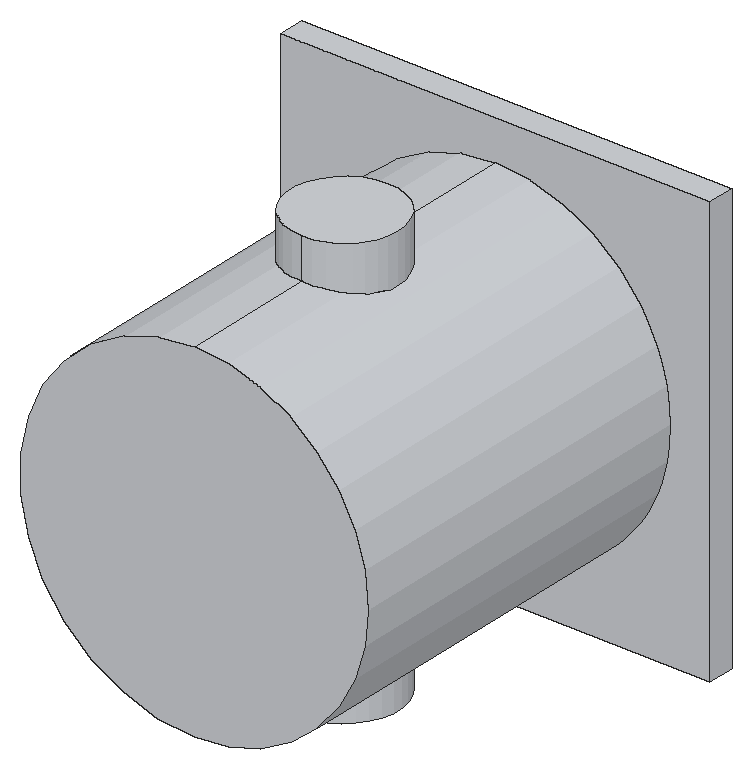
Revit family "BM_Abzweigdose_V1700", category Brandmelder, Revit 2017
Family settings
  Beschriftungsausrichtung beibehalten = Nein
  Bemaßung runder Anschluss = Durchmesser verwenden
  Teiletyp = Normal
  OmniClass-Nummer = 23.85.00.00
  OmniClass-Titel = Information and Communication
  Arbeitsebenenbasiert = Nein
  Immer vertikal = Ja
  Beim Laden mit Abzugskörper schneiden = Ja
  Gemeinsam genutzt = Nein
  Raumberechnungspunkt = Nein
Parameters (values of type "Abzweigdose")
  pbr_Material_KZ = ""
  pbr_Material = none
  pbr_E_Typ = ""
  pbr_E_KZ = ""
  pbr_DINBild = 0
  pbr_Bild = 0
  pbr_3Dx_Delta_Korrekturversatz [instance] = 0 mm
  pbr_3DX_Versatzfaktor [instance] = 0
  pbr_2DY_Versatzfaktor [instance] = 0
  pbr_2DX_Versatzfaktor [instance] = 0
  lfd_STRK [instance] = 0
  Zentrale [instance] = ""
  Winkel [instance] = 0.00°
  Typ [instance] = ""
  Text3 [instance] = ""
  Text2 [instance] = ""
  Text1 [instance] = "0"
  Spannung [instance] = 0
  Scheinleistung [instance] = 0 VA
  Polig [instance] = 1
  Planungsbüro Osnabrück = "www.pbr.de"
  Netzart = ""
  Nennstrom [instance] = 0
  Menge (Dosenzahl) [instance] = 1
  Loop [instance] = ""
  Linie/Anschluss [instance] = ""
  Leistungsfaktor [instance] = 0
  Lastklassifizierung = none
  Installationsart = ""
  Info [instance] = ""
  Gewerk [instance] = "Brandmelder"
  Eckversatz [instance] = 0 mm
  YFrontversatz [instance] = if(pbr_2DY_Versatzfaktor = 300, 0 mm, pbr_2DY_Versatzfaktor * 300 mm)  # 0 mm
  XSeitenversatz [instance] = if(pbr_2DX_Versatzfaktor = 0, 3000 mm, 3000 mm + (pbr_2DX_Versatzfaktor * 300 mm)) + Eckversatz  # 3000 mm
  X3Dversatz [instance] = if([3DX_Versatzkontrolle] = 0, 2000 mm, 2000 mm + ([3DX_Versatzkontrolle] * (300 mm - Breite))) + pbr_3Dx_Delta_Korrekturversatz  # 2000 mm
  Steckdosenradius = 20 mm
  R_Leerrohranschluss = 10 mm
  Niveau [instance] = 300 mm
  Dosentiefe = 70 mm  # constant formula
  Dosenradius = 65 mm / 2  # 32.5 mm
  D_Leerrohranschluss = 2 * R_Leerrohranschluss  # 20 mm
  Bus [instance] = ""
  Breite = 80 mm
  Betriebsstrom ruhe [instance] = 0
  Betriebsstrom max [instance] = 0
  Abzweigdose (BMA) = yes
  Platzierrahmen [instance] = no
  3DX_Versatzkontrolle [instance] = if(pbr_3DX_Versatzfaktor = 0, (pbr_2DX_Versatzfaktor * -1), (((-1 * pbr_3DX_Versatzfaktor) + pbr_2DX_Versatzfaktor) * -1))  # 0
Reference planes
  plane 1 "Mitte (Vorne/Hinten)": y = 0
  plane 2: z = 0
  plane 3 "Mitte (Links/Rechts)": x = 0
  plane 4: x = -125
  plane 5: x = 125
  plane 6: y = 300
  plane 7 "Schalterhinten": y = 0
  plane 8: x = -3000
  plane 9: x = 0
  plane 10: x = -2000
  plane 11: x = -40
  plane 12: x = 40
  plane 13: z = 340
  plane 14: z = 260
  plane 15 "SchalterVorne": y = 5
  plane 16 "3DSchalterMitte": x = 0
  plane 17: z = 300
  plane 18: y = -70
  plane 19: y = -35
  plane 20 "Mitte 2D Symbol": y = 150
Forms (mm)
  Extrusion 1, solid
    sketch origin (0, 20, 0) x (0, 0, 1) y (-1, 0, 0)
      loop
        line (260, 40) -> (260, -40) -> (340, -40) -> (340, 40) -> (260, 40)
    from 15 to 20
  Sweep 2, solid
    path origin (0, 0, 0) x (0, 0, 1) y (0, -1, 0)
      loop
        line (300, 0) -> (300, 70)
    profile origin (0, -35, 300) x (0, 0, -1) y (1, 0, 0)
      loop
        circle (0, 0) r 32.5
  Sweep 3, solid
    path origin (0, 0, 0) x (0, 0, 1) y (0, -1, 0)
      loop
        line (260, 35) -> (340, 35)
    profile origin (0, -35, 300) x (0, -1, 0) y (1, 0, 0)
      loop
        circle (0, 0) r 10
Cuts and joins
  joined: Extrusion 1, Sweep 2, Sweep 3
Lines and regions (mm)
  model lines, visible <- "Platzierrahmen"
    curve 1: line (-125, 0, 0) -> (125, 0, 0)
    curve 2: line (-125, 300, 0) -> (-125, 0, 0)
    curve 3: line (125, 300, 0) -> (-125, 300, 0)
    curve 4: line (125, 0, 0) -> (125, 300, 0)
Dimensions and locks
  plane 4 to plane 5 = 250 mm
  plane 6 to plane 7 "Schalterhinten" = 300 mm
  equal spacing: plane 4, plane 9, plane 5, locked at 125 each
  "XSeitenversatz": plane 8 to plane 9
  plane 8 to plane 3 "Mitte (Links/Rechts)" = 3000 mm
  "YFrontversatz": plane 1 "Mitte (Vorne/Hinten)" to plane 7 "Schalterhinten"
  plane 12 to plane 11 = 80 mm
  plane 13 to plane 14 = 80 mm
  plane 9 to plane 10 = 2000 mm
  equal spacing: plane 12, plane 16 "3DSchalterMitte", plane 11
  "X3Dversatz": plane 16 "3DSchalterMitte" to plane 10
  equal spacing: plane 13, plane 17, plane 14
  "Niveau": plane 17 to level
  "Dosentiefe": plane 1 "Mitte (Vorne/Hinten)" to plane 18
  plane 15 "SchalterVorne" to plane 1 "Mitte (Vorne/Hinten)" = 5 mm
  equal spacing: plane 18, plane 19, plane 1 "Mitte (Vorne/Hinten)"
  equal spacing: plane 6, plane 20 "Mitte 2D Symbol", plane 7 "Schalterhinten"
  "Breite": cut or joined group of Extrusion 1, Sweep 2, Sweep 3 to cut or joined group of Extrusion 1, Sweep 2, Sweep 3
  "Dosenradius": radius of Sweep 2 sketch curve
  "R_Leerrohranschluss": radius of Sweep 3 sketch curve
  aligned and locked: level to plane 2
  aligned and locked: curve 1 to plane 7 "Schalterhinten"
  aligned and locked: curve 2 to plane 4
  aligned and locked: plane 6 to curve 3
  aligned and locked: plane 5 to curve 4
  aligned and locked: plane 14 to Extrusion 1 sketch curve
  aligned and locked: Extrusion 1 sketch curve to plane 11
  aligned and locked: Extrusion 1 sketch curve to plane 13
  aligned and locked: plane 12 to Extrusion 1 sketch curve
  aligned and locked: plane 1 "Mitte (Vorne/Hinten)" to Extrusion 1
  aligned and locked: Extrusion 1 to plane 15 "SchalterVorne"
  aligned and locked: nested 1 to plane 9
Automatic sketch dimensions
  Sweep 3 sketch curve to plane 14 = 0 mm
  plane 13 to Sweep 3 sketch curve = 0 mm
  Sweep 3 sketch curve to plane 19 = 0 mm
  Sweep 3 sketch curve to plane 16 "3DSchalterMitte" = 0 mm
  Sweep 3 sketch curve to profile plane = 0 mm
  Sweep 2 sketch curve to plane 17 = 0 mm
  Sweep 2 sketch curve to plane 1 "Mitte (Vorne/Hinten)" = 0 mm
  Sweep 2 sketch curve to plane 18 = 0 mm
  Sweep 2 sketch curve to plane 16 "3DSchalterMitte" = 0 mm
  Sweep 2 sketch curve to profile plane = 0 mm
Nested families
  nested 1: "Abzweigdose(BMA)" at (0, 0, 0), visible <- "Abzweigdose (BMA)", type "Abzweigdose(BMA)"
Connectors
  electrical at (0, -35, 340)
    settings: on cut or joined group of Extrusion 1, Sweep 2, Sweep 3, index 1, voltage 230 V, apparent load 0 VA, apparent load phase1 200 VA, apparent load phase2 0 VA, apparent load phase3 0 VA, power factor 1, load classification "Steckdose", number of poles 1, system type 11, power factor state 1, is connector primary yes, connector utility no, sub classification motor no, connector description ""
  cabletrayconduit at (0, -35, 340), diameter 20, driven by "D_Leerrohranschluss"
    settings: on cut or joined group of Extrusion 1, Sweep 2, Sweep 3, index 2, connector width 300 mm, connector height 300 mm, connector angle 0.00°, system type 32, placement type 0, profile type 0, connector reference index -1, is primary connector yes, connector utility param no, connector description ""
  cabletrayconduit at (0, -35, 260), diameter 20, driven by "D_Leerrohranschluss"
    settings: on cut or joined group of Extrusion 1, Sweep 2, Sweep 3, index 3, connector width 300 mm, connector height 300 mm, connector angle 0.00°, system type 32, placement type 0, profile type 0, connector reference index -1, is primary connector no, connector utility param no, connector description ""
Definition of nested family "Abzweigdose(BMA)"
  Reference planes
    plane 1 "Mitte (Vorne/Hinten)": y = 0
    plane 2: z = 0
    plane 3 "Mitte (Links/Rechts)": x = 0
  Lines and regions (mm)
    detail lines, in view "Referenzebene"
      curve 1: circle (0, 85.024, 0) r 60 normal (0, 0, 1)
      curve 2: circle (0, 85.024, 0) r 60 normal (0, 0, 1)
      curve 3: line (35, 85.024, 0) -> (85, 85.024, 0)
      curve 4: line (85, 85.024, 0) -> (35, 85.024, 0)
      curve 5: line (0, 50.024, 0) -> (0, 0.024, 0)
      curve 6: line (0, 0.024, 0) -> (0, 50.024, 0)
      curve 7: line (-85, 85.024, 0) -> (-35, 85.024, 0)
      curve 8: line (-35, 85.024, 0) -> (-85, 85.024, 0)
      curve 9: line (0, 170.024, 0) -> (0, 120.024, 0)
      curve 10: line (0, 120.024, 0) -> (0, 170.024, 0)
